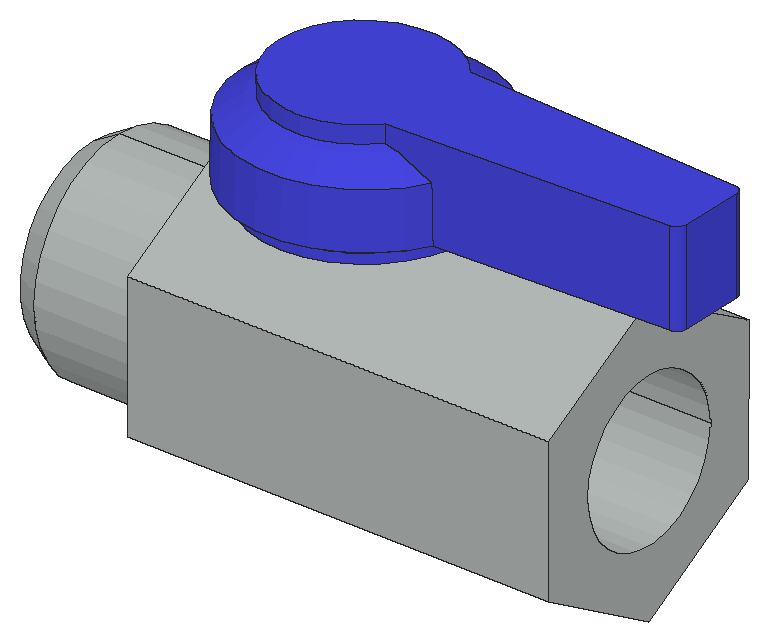
Revit family "QL10080000", category Apparecchi idraulici, Revit 2020
Family settings
  Quota connettore circolare = Usa diametro
  Tipo di parte = Normale
  Numero OmniClass = 23.45.00.00
  Titolo OmniClass = Sanitary, Laundry, and Cleaning Equipment
  Basato su piano di lavoro = No
  Sempre verticale = Sì
  Taglio con vuoti quando caricato = No
  Condiviso = No
  Punto di calcolo locali = No
Parameters
  URL = "https://web.cimberio.com/index.php/figura/967?subcategoria_id=47"
  Temperatura di esercizio = "-20 ÷ 95°C"
  Prospetto di default = 0 mm
  Produttore = "CIMBERIO SPA"
  Pressione nominale = "PN 150"
  Modello = "Cim 012BL34"
  Materiale = "Prodotto in lega di ottone conforme alla norma EN 12165-CW617N-DW"
  Descrizione = "Realizzato in ottemperanza ai requisiti gestionali della norma EN ISO 9001.\r\nUtilizzato per la regolazione della temperatura degli ambienti e comandare apparecchi degli impianti di riscaldamento e condizionamento."
  DN Model [instance] = QL10081015 : QL10081015
  DN [instance] = 15 mm
  Commenti sul tipo = "Utilizzato nei più svariati settori dell'impiantistica: impianti di riscaldamento, condizionamento, idrici, igienico-sanitari, aria compressa e in generale con ogni fluido non corrosivo"
Reference planes
  plane 1 "Centro (Fronte/Retro)": y = 0
  plane 2: z = 0
  plane 3 "Centro (Sinistra/Destra)": x = 0
Dimensions and locks
  aligned and locked: level to plane 2
Nested families
  nested 1: "QL10081015" at (0, 0, 0), type <- "DN Model", type "QL10081015"
  nested 2: "QL10081015" at (0, 0, 0), type <- "DN Model", type "QL10081015"
  nested 3: "QL10081015" at (0, 0, 0), type <- "DN Model", type "QL10081015"
Connectors
  piping at (25.957, 0, 14), diameter 15, driven by "DN"
    settings: on nested 1, index 1, connector inside diameter 609.6 mm, connector length 0 mm, flow factor 0, pipe flow 0.0 L/s, pressure drop 0.0 Pa, fitting loss kfactor 0, connector angle 0.00°, fixture units 0, engagement length 0 mm, angle of deflection 0.00°, flow configuration 0, flow direction 0, fitting loss method 0, system type 7, joint type 0, gender type 0, connector reference index -1, connector utility 0, adjustable connector no, is connector primary yes, connector description ""
  piping at (-27.762, 0, 11.892), diameter 15, driven by "DN"
    settings: on nested 1, index 2, connector inside diameter 609.6 mm, connector length 0 mm, flow factor 0, pipe flow 0.0 L/s, pressure drop 0.0 Pa, fitting loss kfactor 0, connector angle 0.00°, fixture units 0, engagement length 0 mm, angle of deflection 0.00°, flow configuration 0, flow direction 0, fitting loss method 0, system type 7, joint type 0, gender type 0, connector reference index -1, connector utility 0, adjustable connector no, is connector primary no, connector description ""
Definition of nested family "QL10081015"
  Parameters (values of type "QL10081015")
    URL = "https://web.cimberio.com/index.php/figura/1418?subcategoria_id="
    Temperatura di esercizio = "-10 ÷ 110°C"
    Default Elevation = 0 mm
    Manufacturer = "CIMBERIO SPA"
    Pressione nominale = "PN 10"
    Model = "Cim 150VIC"
    Materiale = "Prodotto in lega di ottone conforme alla norma EN 12165-CW617N-DW"
    Description = "Utilizzato nei più svariati settori dell'impiantistica: impianti di riscaldamento, condizionamento, idrici, igienico-sanitari e in generale con ogni fluido non corrosivo"
    DN Model [instance] = HG00081015 : HG00081015
    DN [instance] = 15 mm
    Type Comments = "Realizzato in ottemperanza ai requisiti gestionali della norma EN ISO 9001.\r\nCollaudato al 100% secondo la normativa EN 12266-1"
  Reference planes
    plane 1 "Centro (Fronte/Retro)": y = 0
    plane 2: z = 0
    plane 3 "Centro (Sinistra/Destra)": x = 0
  Forms (mm)
    Extrusion 1, solid
      sketch origin (0, 0, 14) x (0, 1, 0) y (0, 0, 1)
        loop
          circle (0, 0) r 7.5
        loop
          line (0, 14) -> (-12.124, 7) -> (-12.124, -7) -> (0, -14) -> (12.124, -7) -> (12.124, 7) -> (0, 14)
      from -15.043 to 25.957
    Revolve 2, solid
      sketch origin (0.156, 0, -0.02) x (1, 0, 0) y (0, 0, 1)
        loop
          line (-13.65, 29.159) -> (-12.068, 28.245) -> (-12.068, 27.3) -> (-1.75, 27.3) -> (-1.75, 38.235)
          arc (-1.75, 38.235) -> (-7.968, 37.443) -> (-13.555, 34.603) r 18.326
          line (-13.555, 34.603) -> (-13.65, 29.159)
        axis (-1.75, 27.3) -> (-1.75, 38.235)
      angle from 0 to 360
    Revolve 3, solid
      sketch origin (-0.985, 0, 0) x (1, 0, 0) y (0, 0, 1)
        loop
          line (-14.058, 24.427) -> (-24.564, 24.422) -> (-27.063, 22.977) -> (-27.063, 21.5) -> (-14.058, 21.5) -> (-14.058, 24.427)
        axis (-14.058, 14) -> (-27.063, 14)
      angle from 0 to 360
    Extrusion 4, solid
      sketch origin (0, 0, 0) x (1, 0, 0) y (0, 1, 0)
        loop
          arc (32.236, 2.839) -> (31.973, 3.496) -> (31.329, 3.79) r 0.952
          line (31.329, 3.79) -> (4.556, 5.008)
          arc (4.556, 5.008) -> (-9.867, -0.203) -> (4.556, -5.415) r 8.153
          line (4.556, -5.415) -> (31.329, -4.197)
          arc (31.329, -4.197) -> (31.973, -3.903) -> (32.236, -3.246) r 0.952
          line (32.236, -3.246) -> (32.236, 2.839)
      from 29.139 to 38.232
  Dimensions and locks
    aligned and locked: level to plane 2
